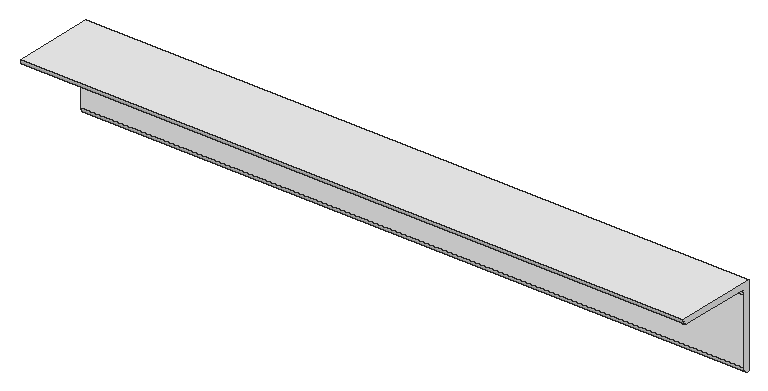
Revit family
Parameters (values of type "L 150x150x23.0")
  k = 20 mm
  시작 확장 계산 [instance] = 3012.5 mm + 시작 확장  # 3000 mm
  시작 확장 [instance] = -12.5 mm
  끝 확장 계산 [instance] = 3012.5 mm + 끝 확장  # 3000 mm
  끝 확장 [instance] = -12.5 mm
  보 재료 [instance] = 금속 - 스틸 - 345 MPa
  A = 0.003 m²
  Length [instance] = 1500 mm
  W = 0.227
  b = 150 mm
  d = 150 mm
  t = 10 mm
  x = 40.6 mm
  y = 40.6 mm
Reference planes
  plane 1 "중심(앞/뒤)": y = 0
  plane 2: z = 0
  plane 3 "중심(왼쪽/오른쪽)": x = 4.61
  plane 4 "왼쪽 부재": x = -604.99
  plane 5 "오른쪽 부재": x = 614.21
  plane 6: y = 40.6
  plane 7: y = -109.4
  plane 8 "상단": z = 40.6
  plane 9: z = -109.4
  plane 10 "왼쪽": x = -757.39
  plane 11 "오른쪽": x = 742.61
  plane 12: x = -604.99
  plane 13: x = 614.21
  plane 14: x = 2395.01
  plane 15: x = -2385.79
Forms (mm)
  Sweep 1, solid, material "금속 - 스틸 - 345 MPa" <- "보 재료", detail levels medium
    path origin (0, 0, 0) x (1, 0, 0) y (0, 1, 0)
      loop
        line (614.21, 0) -> (-604.99, 0)
    profile "M_L-각도-프로파일-중간 : M_L-각도-프로파일-중간" origin (4.61, 0, 0) x (0, -1, 0) y (0, 0, 1)
      loop
        line (-40.6, -109.4) -> (-30.6, -109.4) -> (-30.6, 30.6) -> (109.4, 30.6) -> (109.4, 40.6) -> (-40.6, 40.6) -> (-40.6, -109.4)
  Sweep 2, solid, material "금속 - 스틸 - 345 MPa" <- "보 재료", detail levels fine
    path origin (0, 0, 0) x (1, 0, 0) y (0, 1, 0)
      loop
        line (614.21, 0) -> (-604.99, 0)
    profile "M_L-각도-프로파일-섬세 : M_L-각도-프로파일-섬세" origin (4.61, 0, 0) x (0, -1, 0) y (0, 0, 1)
      loop
        arc (-40.6, -109.4) -> (-33.529, -106.471) -> (-30.6, -99.4) r 10
        line (-30.6, -99.4) -> (-30.6, 20.6)
        arc (-30.6, 20.6) -> (-27.671, 27.671) -> (-20.6, 30.6) r 10
        line (-20.6, 30.6) -> (99.4, 30.6)
        arc (99.4, 30.6) -> (106.471, 33.529) -> (109.4, 40.6) r 10
        line (109.4, 40.6) -> (-40.6, 40.6) -> (-40.6, -109.4)
Lines and regions (mm)
  symbolic lines, style "숨겨진 면", detail levels medium+fine
    curve 1: line (-604.99, 0, 27.6) -> (614.21, 0, 27.6)
    curve 2: line (-604.99, 30.6, 0) -> (614.21, 30.6, 0)
  symbolic lines, style "기호 부착", detail levels coarse
    curve 3: line (4.61, 40.6, 40.6) -> (4.61, -109.4, 40.6)
    curve 4: line (4.61, 40.6, -109.4) -> (4.61, 40.6, 40.6)
Dimensions and locks
  "b": plane 6 to plane 7
  "d": plane 9 to plane 8 "상단"
  "x": plane 6 to plane 1 "중심(앞/뒤)"
  "y": plane 8 "상단" to plane 2
  "Length": plane 10 "왼쪽" to plane 11 "오른쪽"
  "t": plane 6 to curve 2
  locked: plane 4 "왼쪽 부재" to plane 14 at 3000
  locked: plane 15 to plane 5 "오른쪽 부재" at 3000
  "시작 확장 계산": plane 12 to plane 14
  "끝 확장 계산": plane 15 to plane 13
  aligned and locked: Sweep 1 sketch curve to plane 1 "중심(앞/뒤)"
  aligned and locked: Sweep 2 sketch curve to plane 1 "중심(앞/뒤)"
  aligned and locked: plane 12 to Sweep 1 sketch curve
  aligned and locked: plane 13 to Sweep 1 sketch curve
  aligned and locked: plane 12 to Sweep 2 sketch curve
  aligned and locked: plane 13 to Sweep 2 sketch curve
  aligned and locked: plane 12 to curve 2
  aligned and locked: plane 13 to curve 2
  aligned and locked: plane 12 to curve 1
  aligned and locked: plane 13 to curve 1
  aligned and locked: Sweep 1 to curve 3
  aligned and locked: curve 4 to Sweep 1
  aligned and locked: curve 3 to Sweep 2
  aligned and locked: curve 4 to Sweep 2
Automatic sketch dimensions
  plane 8 "상단" to curve 1 = 13 mm
